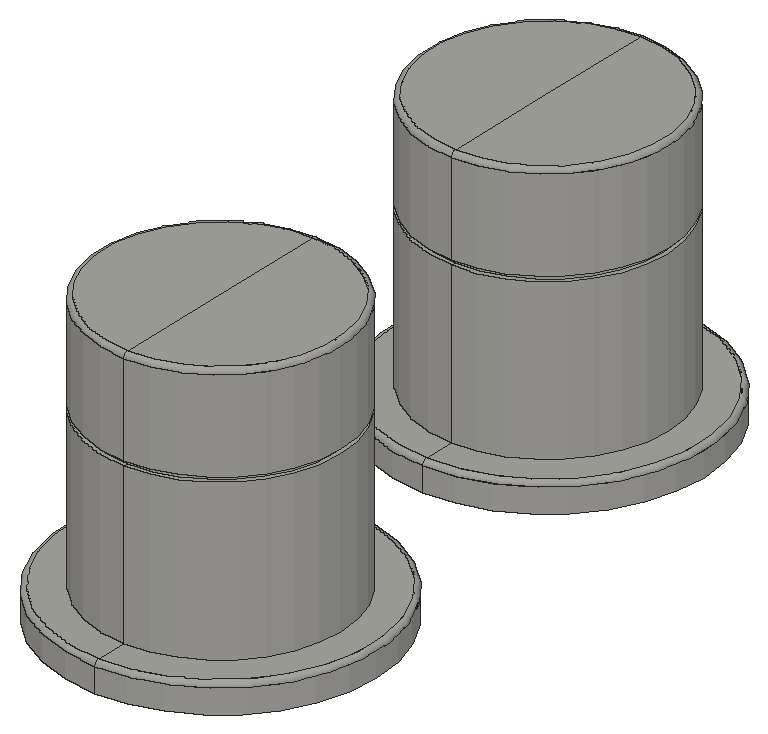
Revit family "MixerTap_Wall_Abey_PocoP_BathShower_Circular_FaceBased", category Plumbing Fixtures, host Face, Revit 2022
Family settings
  Host = Face
  Round Connector Dimension = Use Diameter
  Part Type = Normal
  OmniClass Number = 23.31.11.19
  OmniClass Title = Faucet Mixing Valves
  Cut with Voids When Loaded = No
  Maintain Annotation Orientation = No
  Shared = No
  Room Calculation Point = No
Parameters (values of type "Gun Metal (8SHD-EXT-GM-LF)")
  Waste Connection = no
  Vent Connection = no
  Uniclass2015Version = "Products v1.38"
  Uniclass2015Title = "Mixer taps"
  Uniclass2015Code = "Pr_40_20_87_55"
  URL = "https://www.abey.com.au/"
  Type Comments = "Mixer Tap - Wall - Gun Metal"
  ModifiedIssue = 20251103
  Model = "8SHD-EXT-GM-LF"
  KnurledMaterial = Metal_Abey_GunMetal_Knurled
  BodyMaterial = Metal_Abey_GunMetal
  ManufacturerURLProductSpecific = "https://www.abeyspecifier.com.au/product/poco-p-wall-diverter-mixer/"
  ManufacturerSpecCode = Model  # "8SHD-EXT-GM-LF"
  ManufacturerOverallWidth = 65 mm  # constant formula
  ManufacturerOverallHeight = 150 mm  # constant formula
  ManufacturerOverallDepth = 60 mm  # constant formula
  Manufacturer = "Abey"  # constant formula
  Keynote = ""
  IfcExportType = "FAUCET"
  IfcExportAs = "ifcValve"
  HW Connection = yes
  Description = "Poco P Wall Diverter Mixer"
  Default Elevation = 0 mm
  CreatedByURL = "https://igsgroup.com.au"
  CreatedBy = "IGS BIM Solutions"  # constant formula
  Cost = 0
  CW Connection = yes
  Assembly Code = "C1030210"
Types (3, lengths in mm): name | Type Comments | Model | KnurledMaterial | BodyMaterial | ManufacturerSpecCode
  Gun Metal (8SHD-EXT-GM-LF) | "Mixer Tap - Wall - Gun Metal" | "8SHD-EXT-GM-LF" | Metal_Abey_GunMetal_Knurled | Metal_Abey_GunMetal | "8SHD-EXT-GM-LF"
  Brushed Nickel (8SHD-EXT-BN-LF) | "Mixer Tap - Wall - Brushed Nickel" | "8SHD-EXT-BN-LF" | Metal_Abey_BrushedNickel_Knurled | Metal_Abey_BrushedNickel | "8SHD-EXT-BN-LF"
  Brushed Brass (8SHD-EXT-BB-LF) | "Mixer Tap - Wall - Brushed Brass" | "8SHD-EXT-BB-LF" | Metal_Abey_Brass_Knurled | Metal_Abey_Brass | "8SHD-EXT-BB-LF"
Reference planes
  plane 1 "Center (Elevation)": y = -63.75
  plane 2 "Back": z = 0
  plane 3 "Center (Left/Right)": x = 18.07
  plane 4 "Bottom": y = -138.75
  plane 5 "Top": y = 11.25
  plane 6 "Left": x = -14.43
  plane 7 "Right": x = 50.57
  plane 8 "Front": z = 60
Forms (mm)
  Extrusion 1, void
    sketch origin (0, 0, 0) x (1, 0, 0) y (0, 1, 0)
      loop
        circle (18.07, -21.25) r 32.5
      loop
        circle (18.07, -106.25) r 32.5
    from 0 to -30
Text (mm)
  text "Disclaimer:\nDue to ongoing product development and manufacturing evolution, product details are subject to change without notice. Please refer to product technical data sheets on the manufacturers website for the most current product information. Please allow a +/- 5mm manufacturing tolerance for dimensions and set-outs shown in product literature." at (92.879, 74.225, 0), in view "Ref. Level"
Dimensions and locks
  "ManufacturerOverallDepth": plane 8 "Front" to plane 2 "Back"
  "ManufacturerOverallWidth": plane 6 "Left" to plane 7 "Right"
  "ManufacturerOverallHeight": plane 4 "Bottom" to plane 5 "Top"
  equal spacing: plane 6 "Left", plane 3 "Center (Left/Right)", plane 7 "Right"
  equal spacing: plane 4 "Bottom", plane 1 "Center (Elevation)", plane 5 "Top"
  aligned and locked: plane 2 "Back" to host face
  aligned and locked: level to host face
  aligned and locked: plane 3 "Center (Left/Right)" to nested 1
  aligned and locked: plane 1 "Center (Elevation)" to nested 1
Automatic sketch dimensions
  host sketch curve to host sketch curve = 102.112 mm
  host sketch curve to host sketch curve = 299.981 mm
  Extrusion 1 sketch curve to plane 3 "Center (Left/Right)" = 0 mm  (x2)
  plane 4 "Bottom" to Extrusion 1 sketch curve = 32.5 mm
  plane 5 "Top" to Extrusion 1 sketch curve = 32.5 mm
  radius of Extrusion 1 sketch curve = 32.5 mm  (x2)
Nested families
  nested 1: "z_MixerTap_Wall_Abey_PocoP_BathShower_Circular" at (18.07, -63.75, 70) x (1, 0, 0) z (0, 1, 0), type "Type 1"
Connectors
  piping at (18.07, -106.25, -1), diameter 12.7, driven by "CW Connection"
    settings: on nested 1, index 1, connector inside diameter 24", connector length 0 mm, flow factor 0, pipe flow 0.00 L/s, pressure drop 0 kPa, fitting loss kfactor 0, connector angle 0.00°, fixture units 0, engagement length 0 mm, angle of deflection 0.00°, flow configuration 2, flow direction 1, fitting loss method 0, system type 20, joint type 0, gender type 0, connector reference index -1, connector utility 1, adjustable connector no, is connector primary yes, connector description "Cold Water Supply"
  piping at (18.07, -21.25, -1), diameter 12.7, driven by "HW Connection"
    settings: on nested 1, index 2, connector inside diameter 24", connector length 0 mm, flow factor 0, pipe flow 0.00 L/s, pressure drop 0 kPa, fitting loss kfactor 0, connector angle 0.00°, fixture units 0, engagement length 0 mm, angle of deflection 0.00°, flow configuration 2, flow direction 1, fitting loss method 0, system type 19, joint type 0, gender type 0, connector reference index -1, connector utility 1, adjustable connector no, is connector primary no, connector description "Hot Water Supply"
Definition of nested family "z_MixerTap_Wall_Abey_PocoP_BathShower_Circular"
  Parameters (values of type "Type 1")
    Uniclass2015Version = ""
    Uniclass2015Title = ""
    Uniclass2015Code = ""
    URL = "https://www.abey.com.au/"
    Type Comments = ""
    ModifiedIssue = 0
    Model = ""
    KnurledMaterial = none
    HW Connection = no
    Default Elevation = 0 mm
    CW Connection = no
    BodyMaterial = none
    ManufacturerURLProductSpecific = ""
    ManufacturerSpecCode = ""
    ManufacturerOverallWidth = 65 mm  # constant formula
    ManufacturerOverallHeight = 150 mm  # constant formula
    ManufacturerOverallDepth = 60 mm  # constant formula
    Manufacturer = "Abey"  # constant formula
    IfcExportType = ""
    IfcExportAs = ""
    Description = ""
    CreatedByURL = "https://igsgroup.com.au"
    CreatedBy = "IGS BIM Solutions"  # constant formula
    Assembly Code = ""
  Reference planes
    plane 1 "Ref. Level": z = 0
    plane 2 "Center (Left/Right)": x = 0
    plane 3 "Left": x = -32.5
    plane 4 "Right": x = 32.5
    plane 5 "Back": y = 70
    plane 6 "Front": y = 10
    plane 7 "Bottom": z = -75
    plane 8 "Center (Elevation)": z = 0
    plane 9 "Top": z = 75
  Forms (mm)
    Revolve 1, solid, material <- "BodyMaterial"
      sketch origin (0, 0, 0) x (0, 1, 0) y (0, 0, 1)
        loop
          line (64, 42.5) -> (64, 67.5) -> (31, 67.5) -> (31, 66.5) -> (30, 66.5) -> (30, 67.5) -> (11, 67.5)
          arc (11, 67.5) -> (10.293, 67.207) -> (10, 66.5) r 1
          line (10, 66.5) -> (10, 42.5) -> (64, 42.5)
        axis (64, 42.5) -> (10, 42.5)
      angle from 0 to 360
    Revolve 2, solid, material <- "BodyMaterial"
      sketch origin (0, 0, 2020) x (0, 1, 0) y (0, 0, -1)
        loop
          line (64, 2062.5) -> (64, 2087.5) -> (31, 2087.5) -> (31, 2086.5) -> (30, 2086.5) -> (30, 2087.5) -> (11, 2087.5)
          arc (11, 2087.5) -> (10.293, 2087.207) -> (10, 2086.5) r 1
          line (10, 2086.5) -> (10, 2062.5) -> (64, 2062.5)
        axis (64, 2062.5) -> (10, 2062.5)
      angle from 0 to 360
    Revolve 3, solid, material <- "BodyMaterial"
      sketch origin (0, 0, 2020) x (0, 1, 0) y (0, 0, -1)
        loop
          line (70, 2062.5) -> (70, 2095) -> (65, 2095)
          arc (65, 2095) -> (64.293, 2094.707) -> (64, 2094) r 1
          line (64, 2094) -> (64, 2062.5) -> (70, 2062.5)
        axis (70, 2062.5) -> (64, 2062.5)
      angle from 0 to 360
    Revolve 4, solid, material <- "BodyMaterial"
      sketch origin (0, 0, 0) x (0, 1, 0) y (0, 0, 1)
        loop
          line (70, 42.5) -> (70, 75) -> (65, 75)
          arc (65, 75) -> (64.293, 74.707) -> (64, 74) r 1
          line (64, 74) -> (64, 42.5) -> (70, 42.5)
        axis (70, 42.5) -> (64, 42.5)
      angle from 0 to 360
    Extrusion 5, solid, material <- "BodyMaterial"
      sketch origin (0, 70, 0) x (1, 0, 0) y (0, 0, 1)
        loop
          circle (0, 42.5) r 6.35
        loop
          circle (0, -42.5) r 6.35
      from 0 to -1
  Lines and regions (mm)
    Masking region 1
      outline origin (0, 0, 75) x (0, -1, 0) y (1, 0, 0)
        loop
          line (-70, 32.5) -> (-70, -32.5) -> (-65, -32.5)
          arc (-65, -32.5) -> (-64.293, -32.207) -> (-64, -31.5) r 1
          line (-64, -31.5) -> (-64, -25.003) -> (-31, -25.003) -> (-31, -24.003) -> (-30, -24.003) -> (-30, -25.003) -> (-11, -25.003)
          arc (-11, -25.003) -> (-10.293, -24.71) -> (-10, -24.003) r 1
          line (-10, -24.003) -> (-10, 24.003)
          arc (-10, 24.003) -> (-10.293, 24.71) -> (-11, 25.003) r 1
          line (-11, 25.003) -> (-30, 25.003) -> (-30, 24.003) -> (-31, 24.003) -> (-31, 25.003) -> (-64, 25.003) -> (-64, 31.5)
          arc (-64, 31.5) -> (-64.293, 32.207) -> (-65, 32.5) r 1
          line (-65, 32.5) -> (-70, 32.5)
    symbolic lines, detail levels medium+fine
      curve 1: line (-25.003, 64, 75) -> (25.003, 64, 75)
    symbolic lines, detail levels fine
      curve 2: line (-24.003, 31, 75) -> (24.003, 31, 75)
      curve 3: line (-24.003, 30, 75) -> (24.003, 30, 75)
  Dimensions and locks
    "ManufacturerOverallWidth": plane 3 "Left" to plane 4 "Right"
    "ManufacturerOverallDepth": plane 5 "Back" to plane 6 "Front"
    equal spacing: plane 9 "Top", plane 8 "Center (Elevation)", plane 7 "Bottom"
    "ManufacturerOverallHeight": plane 9 "Top" to plane 7 "Bottom"
    plane 8 "Center (Elevation)" to plane 7 "Bottom" = 75 mm
    equal spacing: plane 3 "Left", plane 2 "Center (Left/Right)", plane 4 "Right"
    aligned and locked: level to plane 1 "Ref. Level"
  Automatic sketch dimensions
    plane 7 "Bottom" to Revolve 3 sketch curve = 0 mm
    Revolve 3 sketch curve to plane 5 "Back" = 0 mm
    Revolve 3 sketch curve to Revolve 3 sketch curve = 5 mm
    plane 7 "Bottom" to Revolve 3 sketch curve = 1 mm
    Revolve 3 sketch curve to Revolve 3 sketch curve = 6.675 mm
    plane 5 "Back" to Revolve 3 sketch curve = 3.682 mm
    Revolve 1 sketch curve to plane 6 "Front" = 0 mm  (x2)
    plane 6 "Front" to Revolve 1 sketch curve = 1 mm
    plane 5 "Back" to Revolve 1 sketch curve = 6 mm
    plane 9 "Top" to Revolve 1 sketch curve = 8.5 mm
    Revolve 1 sketch curve to Revolve 1 sketch curve = 1 mm  (x3)
    Revolve 1 sketch curve to plane 6 "Front" = 15 mm
    Revolve 2 sketch curve to plane 6 "Front" = 0 mm
    Revolve 2 sketch curve to plane 6 "Front" = 54 mm
    plane 7 "Bottom" to Revolve 2 sketch curve = 7.5 mm
    Revolve 2 sketch curve to Revolve 2 sketch curve = 33 mm
    Revolve 2 sketch curve to Revolve 2 sketch curve = 1 mm  (x3)
    Revolve 2 sketch curve to Revolve 2 sketch curve = 19 mm
    Revolve 2 sketch curve to Revolve 2 sketch curve = 69 mm
    Revolve 2 sketch curve to Revolve 2 sketch curve = 25 mm
    plane 7 "Bottom" to Revolve 2 sketch curve = 8.5 mm
    Revolve 2 sketch curve to Revolve 2 sketch curve = 0 mm
    Revolve 3 sketch curve to Revolve 3 sketch curve = 31.5 mm
    Revolve 3 sketch curve to Revolve 3 sketch curve = 0 mm
    Revolve 1 sketch curve to Revolve 1 sketch curve = 25 mm
    Revolve 1 sketch curve to Revolve 1 sketch curve = 0 mm
    plane 5 "Back" to curve 1 = 6 mm
    plane 3 "Left" to curve 1 = 7.497 mm
    curve 2 to curve 3 = 1 mm
    plane 3 "Left" to curve 2 = 8.497 mm
    curve 3 to curve 2 = 0 mm  (x2)
    plane 4 "Right" to curve 2 = 8.497 mm
    plane 4 "Right" to curve 1 = 7.497 mm
    Masking region 1 sketch curve to plane 3 "Left" = 0 mm
    plane 5 "Back" to Masking region 1 sketch curve = 0 mm
    Masking region 1 sketch curve to plane 4 "Right" = 0 mm
    Masking region 1 sketch curve to plane 6 "Front" = 0 mm
    plane 5 "Back" to Masking region 1 sketch curve = 5 mm  (x2)
    plane 5 "Back" to Masking region 1 sketch curve = 6 mm
    Masking region 1 sketch curve to Masking region 1 sketch curve = 1 mm  (x5)
    plane 6 "Front" to Masking region 1 sketch curve = 1 mm  (x2)
    plane 3 "Left" to Masking region 1 sketch curve = 7.497 mm  (x2)
    plane 4 "Right" to Masking region 1 sketch curve = 8.497 mm
    Masking region 1 sketch curve to Masking region 1 sketch curve = 0 mm
    Extrusion 5 sketch curve to plane 2 "Center (Left/Right)" = 0 mm  (x2)
    Extrusion 5 sketch curve to plane 7 "Bottom" = 32.5 mm
    plane 9 "Top" to Extrusion 5 sketch curve = 32.5 mm
    plane 9 "Top" to Revolve 4 sketch curve = 0 mm
    Revolve 4 sketch curve to plane 5 "Back" = 0 mm
    plane 9 "Top" to Revolve 4 sketch curve = 1 mm
    plane 5 "Back" to Revolve 4 sketch curve = 5 mm
    Revolve 4 sketch curve to Revolve 4 sketch curve = 31.5 mm
    plane 5 "Back" to Revolve 4 sketch curve = 1.426 mm
    Revolve 4 sketch curve to Revolve 4 sketch curve = 9.115 mm
    Revolve 4 sketch curve to Revolve 4 sketch curve = 0 mm
    plane 6 "Front" to curve 2 = 21 mm
    Revolve 1 sketch curve to Revolve 1 sketch curve = 19 mm
    Masking region 1 sketch curve to Masking region 1 sketch curve = 20 mm  (x2)
    radius of Extrusion 5 sketch curve = 6.35 mm  (x2)
